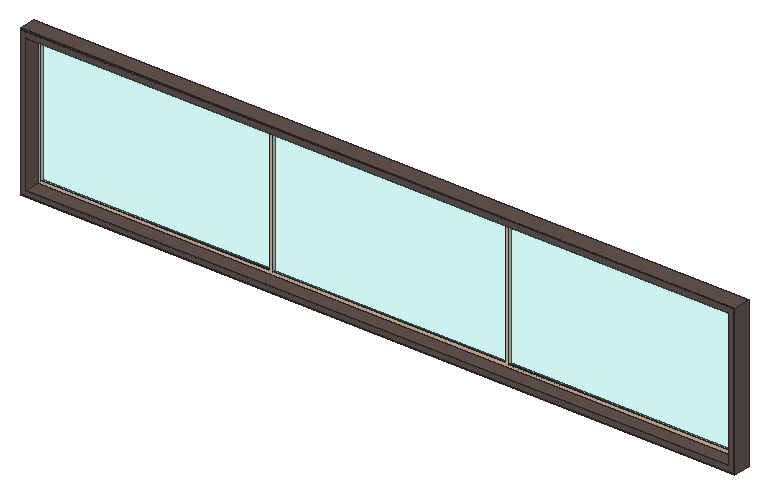
Revit family "RYN_DOR_TopFixed3_In.ST.Gls._Fr.ST.AL", category Doors, host Wall, Revit 2025
Family settings
  Host = Wall
  OmniClass Number = 23.30.10.00
  Always vertical = Yes
  Cut with Voids When Loaded = No
  Shared = No
  Room Calculation Point = No
Parameters (values of type "W4000 X H4000 mm")
  Visual Light Transmittance = 0
  Type Comments = "RYN_DOR_Swing_2Panel_In.GLS_Fr.AL"
  Top panel Frame Width = 25.00 mm
  Top Panel Width = RYN_Door_Width - 2 * RYN_Door_FrameDepth  # 5900.00 mm
  Top Panel Height = RYN_Door_Height - 2 * RYN_Door_FrameDepth - RYN_Door_PanelHeight - Between Height Top & Door - RYN_Door_FrameDepth  # 1150.00 mm
  Thickness = 0.00 mm
  Thermal Resistance (R) = 0.270117 (m²·K)/W
  Swing Angle [instance] = 75.00°
  Solar Heat Gain Coefficient = 0
  Side Panel Width = (RYN_Door_Width - Mid 2 Panel Width - 4 * RYN_Door_FrameDepth) / 2  # 1900.00 mm
  RYN_Material_Louver = RYN_MAT_DoorPanel_Louver_Aluminium
  RYN_Material_Glass = RYN_MAT_DoorPanel_Glazing
  RYN_Material_DoorLeaf = RYN_MAT_DoorPanel_Timber
  RYN_Material_DoorFrame = RYN_MAT_DoorFrame_Timber
  RYN_Door_Width = 6000.00 mm
  RYN_Door_TrimProjection.In = 25.00 mm
  RYN_Door_TrimProjection = 25.00 mm
  RYN_Door_SwingAngle = 75.00°
  RYN_Door_PanelWidth = Mid 2 Panel Width / 2  # 1000.00 mm
  RYN_Door_PanelThickness = 25.00 mm
  RYN_Door_PanelHeight = 2800.00 mm
  RYN_Door_PanelFrameDepth = 100.00 mm
  RYN_Door_OpenArea = RYN_Door_PanelWidth * RYN_Door_PanelHeight  # 2.80 m²
  RYN_Door_OffsetFromExternalSide = 25.00 mm
  RYN_Door_Name = ""
  RYN_Door_Height = 4500.00 mm
  RYN_Door_HandleOffset = 200.00 mm
  RYN_Door_HandleHeight = 900.00 mm
  RYN_Door_GlassThickness = 12.00 mm
  RYN_Door_FrameWidth = 150.00 mm
  RYN_Door_FrameDepth = 50.00 mm
  Pivot Point = 600.00 mm
  Open Width = RYN_Door_Width - 2 * RYN_Door_FrameDepth  # 5900.00 mm
  Op Height = RYN_Door_Height - RYN_Door_FrameDepth  # 4450.00 mm
  Mid Panel Material = yes
  Mid 2 Panel Width = 2000.00 mm
  LVR WIDTH = RYN_Door_Width - 2 * (LVR OFF + RYN_Door_FrameDepth)  # 5700.00 mm
  LVR OFF = 100.00 mm
  LVR NOS = 25
  LVR HEIGHT = RYN_Door_Height - 2 * LVR OFF - RYN_Door_FrameDepth  # 4250.00 mm
  LOUVER = no
  GLASS = yes
  Door Panel In Timber = Door - Panel In Timber
  Description = "2 Panel Swing Door - Glass Panel - Aluminum Frame"
  Define Thermal Properties by = Schematic Type
  Construction Type Id = "MDOOR"
  Heat Transfer Coefficient (U) = 3.7021 W/(m²·K)
  Function = Interior
  Height = RYN_Door_Height  # 4500.00 mm
  Wall Closure = By host
  Width = RYN_Door_Width  # 6000.00 mm
  Between Height Top & Door = 400.00 mm
  Analytic Construction = "Metal"
  Actual Pivot Point = if(Pivot Point < 1.00 mm, 1.00 mm, Pivot Point)  # 600.00 mm
Reference planes
  plane 1: y = 0
  plane 2: z = 0
  plane 3: x = 0
  plane 4: x = -2950
  plane 5: x = 2950
  plane 6: z = 2800
  plane 7: z = 4500
  plane 8 "WALL": y = 95
  plane 9 "Off": y = 70
  plane 10: x = -3000
  plane 11: x = 3000
  plane 12: x = 1000
  plane 13: x = -1000
  plane 14: x = 1050
  plane 15: x = -1050
  plane 16: z = 2850
  plane 17: x = 400
  plane 18: z = 3300
  plane 19: z = 3250
Forms (mm)
  Sweep 1, solid, material "RYN_MAT_DoorFrame_Timber" <- "RYN_Material_DoorFrame"
    path origin (0, 70, 0) x (1, 0, 0) y (0, 0, 1)
      loop
        line (-3000, 4500) -> (-3000, 3250) -> (3000, 3250) -> (3000, 4500) -> (-3000, 4500)
    profile "RYN_DOR_PRO_Frame : RYN_DOR_PRO_Frame" origin (3000, 70, 3875) x (1, 0, 0) y (0, -1, 0)
      loop
        line (0, 145) -> (-5, 145) -> (-5, 150) -> (-50, 150) -> (-50, 0) -> (-5, 0) -> (-5, 5) -> (0, 5) -> (0, 145)
Lines and regions (mm)
  Opening 1
    outline origin (-1524, -145, 3657.6) x (0, 0, -1) y (1, 0, 0)
      loop
        line (-842.4, -1476) -> (407.6, -1476) -> (407.6, 4524) -> (-842.4, 4524) -> (-842.4, -1476)
  model lines, style "DoorsFrameMullionProjection"
    curve 1: line (-3000, -145, 3250) -> (-3000, -145, 4500)
    curve 2: line (-3000, -145, 4500) -> (3000, -145, 4500)
    curve 3: line (3000, -145, 4500) -> (3000, -145, 3250)
  symbolic lines
    curve 4: line (-2950, 95, 0) -> (-2925, 95, 0)
    curve 5: line (2950, 95, 0) -> (2925, 95, 0)
    curve 6: line (-3000, 70, 3250) -> (3000, 70, 3250)
Dimensions and locks
  equal spacing: plane 4, plane 3, plane 5
  "Open Width": plane 4 to plane 5
  "RYN_Door_PanelHeight": plane 6 to plane 2
  "RYN_Door_FrameDepth": plane 4 to curve 1
  "RYN_Door_FrameDepth": plane 5 to curve 3
  "RYN_Door_FrameDepth": plane 6 to plane 16
  plane 6 to level = 2800.00 mm  (x2)
  "RYN_Door_Height": plane 7 to level
  equal spacing: plane 11, plane 3, plane 10
  "RYN_Door_Width": plane 11 to plane 10
  equal spacing: plane 13, plane 3, plane 12
  "Mid 2 Panel Width": plane 13 to plane 12
  "RYN_Door_FrameDepth": plane 15 to plane 13
  "RYN_Door_FrameDepth": plane 12 to plane 14
  "RYN_Door_OffsetFromExternalSide": plane 8 "WALL" to plane 9 "Off"
  plane 6 to plane 2 = 2800.00 mm  (x2)
  "Actual Pivot Point": plane 17 to plane 12
  "Between Height Top & Door": plane 19 to plane 16
  "RYN_Door_FrameDepth": plane 18 to plane 19
  aligned and locked: host wall to plane 8 "WALL"
  aligned and locked: Opening 1 sketch curve to plane 10
  aligned and locked: plane 7 to Opening 1 sketch curve
  aligned and locked: Opening 1 sketch curve to plane 11
  aligned and locked: Sweep 1 sketch curve to plane 10
  aligned and locked: Sweep 1 sketch curve to plane 7
  aligned and locked: Sweep 1 sketch curve to plane 11
  aligned and locked: nested 1 to plane 17
  aligned and locked: plane 9 "Off" to nested 1
  aligned and locked: plane 3 to nested 2
  aligned and locked: nested 2 to plane 18
  aligned and locked: level to plane 2
  aligned and locked: plane 9 "Off" to nested 2
  aligned and locked: plane 7 to curve 2
  aligned and locked: Sweep 1 sketch curve to plane 19  (x2)
  aligned and locked: Opening 1 sketch curve to plane 19
  aligned and locked: curve 6 to plane 19
Automatic sketch dimensions
  curve 4 to plane 4 = 25.00 mm
  curve 6 to plane 10 = 0.00 mm
  curve 6 to plane 4 = 5950.00 mm
  curve 1 to plane 19 = 0.00 mm
  curve 3 to plane 19 = 0.00 mm
  curve 5 to host wall = 0.00 mm
  curve 5 to plane 5 = 0.00 mm
  plane 5 to curve 5 = 25.00 mm
  curve 4 to host wall = 0.00 mm
  curve 4 to plane 4 = 0.00 mm
Nested families
  nested 1: "Door - Plan Pivot Swing" at (400, 70, 0), Swing Angle <- "Swing Angle", type "Door - Plan Pivot Swing"
    with Swing Angle 75.00°, Actual Angle 75.00°, Width 2000.00 mm, Thickness 25.00 mm, Swing Width 1400.00 mm, RYN_Door_PanelWidth 2000.00 mm, RYN_Door_PanelThickness 25.00 mm, Pivot Point 600.00 mm
  nested 2: "TOP PANEL - MID" at (-44.7, 70, 3300), type "TOP PANEL - MID"
    with Sliding ON no, H4 ON no, H3 ON no, H2 ON no, H1 ON no, Panel frame width 25.00 mm, Mid Space 1958.333 mm, Height 1150.00 mm, Width 5900.00 mm, GLASS THICKNESS 12.00 mm
Definition of nested family "TOP PANEL - MID"
  Parameters (values of type "TOP PANEL - MID")
    Sliding ON [instance] = yes
    PANEL = none
    Thickness = 25.00 mm
    Panel frame width = 100.00 mm
    Mid Space = (Width - Panel frame width) / 3  # 1633.333 mm
    Height = 550.00 mm
    Width = 5000.00 mm
    H4 ON [instance] = yes
    H3 ON [instance] = yes
    H1 ON [instance] = yes
    HANDLE OFF = 50.00 mm
    H2 ON [instance] = yes
    GLASS THICKNESS = 10.00 mm
    GLASS = none
    Function = 1
    Door Handle Height = 900.00 mm
    Define Thermal Properties by = 1
    Analytic Construction = "<None>"
  Reference planes
    plane 1 "center": y = -12.5
    plane 2: z = 0
    plane 3 "Center (Left/Right)": x = 44.7
    plane 4 "Front": y = -25
    plane 5 "2": y = 0
    plane 6 "3": x = 2544.7
    plane 7 "4": x = -2455.3
    plane 8 "5": z = 550
    plane 9: z = 275
    plane 10: z = 100
    plane 11: z = 450
    plane 12: x = -2405.3
    plane 13: z = 900
    plane 14: x = 2494.7
    plane 15: x = 2444.7
    plane 16: x = -2355.3
    plane 17: x = -821.966
    plane 18: x = 911.367
    plane 19: x = -871.966
    plane 20: x = 861.367
    plane 21: x = -771.966
    plane 22: x = 961.367
  Forms (mm)
    Extrusion 1, solid, material <- "PANEL"
      sketch origin (0, -12.5, 0) x (1, 0, 0) y (0, 0, 1)
        loop
          line (-2455.3, 0) -> (2544.7, 0) -> (2544.7, 550) -> (-2455.3, 550) -> (-2455.3, 0)
        loop
          line (-2355.3, 450) -> (-2355.3, 100) -> (-871.966, 100) -> (-871.966, 450) -> (-2355.3, 450)
        loop
          line (2444.7, 100) -> (2444.7, 450) -> (961.367, 450) -> (961.367, 100) -> (2444.7, 100)
        loop
          line (-771.966, 450) -> (-771.966, 100) -> (861.367, 100) -> (861.367, 450) -> (-771.966, 450)
      from -12.5 to 12.5
    Extrusion 2, solid, material <- "GLASS"
      sketch origin (0, -25, 0) x (1, 0, 0) y (0, 0, 1)
        loop
          line (-2355.3, 450) -> (-2355.3, 100) -> (-871.966, 100) -> (-871.966, 450) -> (-2355.3, 450)
        loop
          line (2444.7, 100) -> (2444.7, 450) -> (961.367, 450) -> (961.367, 100) -> (2444.7, 100)
        loop
          line (-771.966, 450) -> (-771.966, 100) -> (861.367, 100) -> (861.367, 450) -> (-771.966, 450)
      from -17.5 to -7.5
  Lines and regions (mm)
    symbolic lines, visible <- "Sliding ON"
      curve 1: line (124.7, -25, 432.027) -> (-35.3, -25, 432.027)
      curve 2: line (-35.3, -25, 432.027) -> (14.7, -25, 482.027)
      curve 3: line (124.7, -25, 367.027) -> (-35.3, -25, 367.027)
      curve 4: line (124.7, -25, 367.027) -> (74.7, -25, 317.027)
  Dimensions and locks
    plane 4 "Front" to plane 1 "center" = 12.50 mm
    equal spacing: plane 7 "4", plane 3 "Center (Left/Right)", plane 6 "3"
    "Width": plane 7 "4" to plane 6 "3"
    "Height": plane 8 "5" to level
    "Width": Extrusion 1 to Extrusion 1
    equal spacing: Extrusion 1, plane 3 "Center (Left/Right)", Extrusion 1
    equal spacing: plane 4 "Front", plane 1 "center", plane 5 "2"
    "Thickness": plane 4 "Front" to plane 5 "2"
    equal spacing: Extrusion 2, plane 1 "center", Extrusion 2
    equal spacing: plane 11, plane 9, plane 10
    "Panel frame width": plane 8 "5" to plane 11
    "Panel frame width": plane 10 to level
    "GLASS THICKNESS": Extrusion 2 to Extrusion 2
    "Door Handle Height": plane 13 to level
    "Panel frame width": plane 7 "4" to plane 16
    "Panel frame width": plane 15 to plane 6 "3"
    "HANDLE OFF": plane 12 to plane 16
    "HANDLE OFF": plane 15 to plane 14
    equal spacing: plane 21, plane 17, plane 19
    equal spacing: plane 22, plane 18, plane 20
    "Panel frame width": plane 22 to plane 20
    "Panel frame width": plane 21 to plane 19
    equal spacing: plane 20, plane 3 "Center (Left/Right)", plane 21
    "Mid Space": plane 20 to plane 21
    aligned and locked: level to plane 2
    aligned and locked: Extrusion 1 to plane 8 "5"
    aligned and locked: Extrusion 1 to level
    aligned and locked: Extrusion 1 to plane 7 "4"
    aligned and locked: plane 6 "3" to Extrusion 1
    aligned and locked: Extrusion 2 to Extrusion 1  (x4)
    aligned and locked: Extrusion 1 to plane 4 "Front"
    aligned and locked: Extrusion 1 to plane 5 "2"
    aligned and locked: Extrusion 1 to plane 15
    aligned and locked: Extrusion 1 to plane 16
    aligned and locked: plane 21 to Extrusion 1 sketch curve
    aligned and locked: plane 19 to Extrusion 1 sketch curve
    aligned and locked: plane 20 to Extrusion 1 sketch curve
    aligned and locked: plane 22 to Extrusion 1 sketch curve
    aligned and locked: plane 19 to Extrusion 2 sketch curve
    aligned and locked: plane 21 to Extrusion 2 sketch curve
    aligned and locked: plane 20 to Extrusion 2 sketch curve
    aligned and locked: plane 22 to Extrusion 2 sketch curve
  Automatic sketch dimensions
    Extrusion 1 sketch curve to plane 7 "4" = 0.00 mm
    Extrusion 1 sketch curve to level = 0.00 mm
    Extrusion 1 sketch curve to plane 6 "3" = 0.00 mm
    Extrusion 1 sketch curve to plane 8 "5" = 0.00 mm
    plane 12 to Extrusion 1 sketch curve = 50.00 mm
    plane 14 to Extrusion 1 sketch curve = 50.00 mm
    plane 12 to Extrusion 2 sketch curve = 50.00 mm
    plane 14 to Extrusion 2 sketch curve = 50.00 mm
    curve 1 to plane 3 "Center (Left/Right)" = 80.00 mm
    curve 1 to curve 3 = 0.00 mm
    plane 3 "Center (Left/Right)" to curve 3 = 80.00 mm
    plane 9 to curve 4 = 92.027 mm
    curve 3 to curve 2 = 65.00 mm
    curve 2 to plane 3 "Center (Left/Right)" = 30.00 mm
    plane 3 "Center (Left/Right)" to curve 4 = 30.00 mm
    plane 9 to curve 4 = 42.027 mm
    curve 1 to curve 2 = 50.00 mm
    plane 3 "Center (Left/Right)" to curve 1 = 80.00 mm
    Extrusion 1 sketch curve to Extrusion 1 sketch curve = 0.00 mm
    Extrusion 1 sketch curve to plane 11 = 0.00 mm  (x3)
    Extrusion 1 sketch curve to plane 10 = 0.00 mm  (x2)
    Extrusion 2 sketch curve to Extrusion 2 sketch curve = 0.00 mm  (x2)
    Extrusion 2 sketch curve to plane 11 = 0.00 mm  (x3)
    Extrusion 2 sketch curve to plane 10 = 0.00 mm
Definition of nested family "Door - Plan Pivot Swing"
  Parameters (values of type "Door - Plan Pivot Swing")
    Width = RYN_Door_PanelWidth  # 1200.00 mm
    Thickness = RYN_Door_PanelThickness  # 12.00 mm
    Swing Width = RYN_Door_PanelWidth - Pivot Point  # 1175.00 mm
    Swing Angle [instance] = 75.00°
    RYN_Door_PanelWidth = 1200.00 mm
    RYN_Door_PanelThickness = 12.00 mm
    Pivot Point = 25.00 mm
    Define Thermal Properties by = 1
    Default Elevation = 0.00 mm
    Analytic Construction = "<None>"
    Actual Angle [instance] = if(Swing Angle < 1.00°, 1.00°, Swing Angle)  # 75.00°
  Reference planes
    plane 1 "Center (Front/Back)": y = 0
    plane 2: z = 0
    plane 3 "Center (Left/Right)": x = 0
  Lines and regions (mm)
    Masking region 1
      outline origin (0, 0, 0) x (1, 0, 0) y (0, 1, 0)
        loop
          line (-298.317, 1136.516) -> (-309.908, 1133.41) -> (0.675, -25.701) -> (12.266, -22.595) -> (-298.317, 1136.516)
    reference lines
      curve 1: line (-309.908, 1133.41, 0) -> (0.675, -25.701, 0)
      curve 2: line (-298.317, 1136.516, 0) -> (12.266, -22.595, 0)
      curve 3: line (-304.112, 1134.963, 0) -> (6.47, -24.148, 0)
      curve 4: line (0.675, -25.701, 0) -> (12.266, -22.595, 0)
      curve 5: line (-5.796, -1.553, 0) -> (0, 0, 0)
      curve 6: line (-309.908, 1133.41, 0) -> (-298.317, 1136.516, 0)
    symbolic lines
      curve 7: arc (6.47, -24.148, 0) -> (19.834, -15.219, 0) -> (25, 0, 0) r 25
      curve 8: arc (-304.112, 1134.963, 0) -> (-932.19, 715.295, 0) -> (-1175, 0, 0) r 1175
  Dimensions and locks
    equal spacing: curve 1, curve 3, curve 2
    "RYN_Door_PanelThickness": curve 1 to curve 2
    "Pivot Point": curve 4 to curve 5
    "RYN_Door_PanelWidth": curve 4 to curve 6
    "Pivot Point": radius of curve 7
    "Swing Width": radius of curve 8
    locked: curve 2 to curve 4 (angle 90.00°)
    locked: curve 6 to curve 2 (angle 90.00°)
    "Actual Angle": angle curve 5 to plane 3 "Center (Left/Right)"
    aligned and locked: level to plane 2
    aligned and locked: plane 1 "Center (Front/Back)" to curve 5
    aligned and locked: plane 3 "Center (Left/Right)" to curve 5
    aligned and locked: curve 5 to curve 7
    aligned and locked: curve 3 to curve 7  (x2)
    aligned and locked: plane 1 "Center (Front/Back)" to curve 7
    aligned and locked: curve 5 to curve 8
    aligned and locked: curve 3 to curve 8
    aligned and locked: curve 8 to curve 3
    aligned and locked: plane 1 "Center (Front/Back)" to curve 8
    aligned and locked: Masking region 1 sketch curve to curve 2
    aligned and locked: Masking region 1 sketch curve to curve 6
    aligned and locked: Masking region 1 sketch curve to curve 1
    aligned and locked: Masking region 1 sketch curve to curve 4
